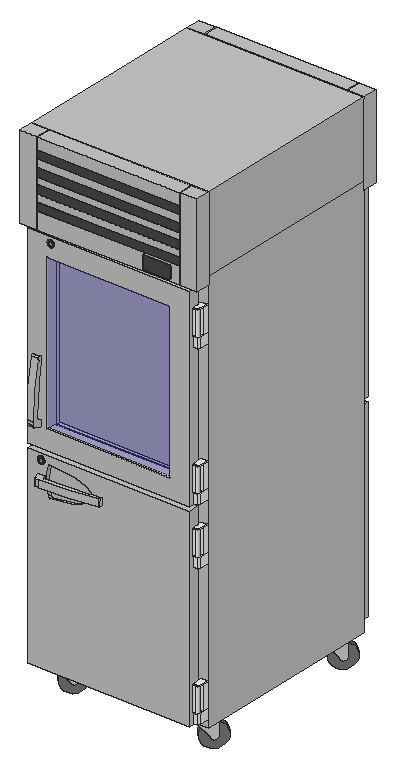
Revit family "QF_Turbo Air_PRO-26R-GSH-PT", category Specialty Equipment, Revit 2014
Parameters
  Width = 2' - 4 3/4"  # constant formula
  Weight in Pounds = 360
  Watermarked By = ""
  Volts = 115 V
  URL Cutsheet = ""
  URL = "www.turboairinc.com"
  Status [instance] = ""
  Specification by User [instance] = ""
  Specification by Manufacturer [instance] = ""
  Serial Number [instance] = ""
  Revision Code [instance] = ""
  Phase = 1
  Overall Height [instance] = Box Height + CasterLeg Height  # 6' - 11"
  Number of Poles [instance] = 1
  NAFEM Spec ID Number [instance] = ""
  Model = "PRO-26R-GSH-PT"
  Masterspec [instance] = ""
  Manufacturer = "Turbo Air"  # constant formula
  Door Height = 2' - 7 1/4"  # constant formula
  Description = "Refrigerator, Pass-Thru"
  Assembly Code = "E1090320"
  6 inch Legs [instance] = no
  Item Number [instance] = "-"
  Installed By [instance] = ""
  HP = "1/3"
  Furnished By [instance] = ""
  Foodservice Equipment Identifier = yes
  FL Amps = 5.2 A
  Electrical Remarks [instance] = ""
  Electric Connection Type = ""
  Elec Conn RI Height [instance] = 0' - 0"
  Elec Conn Connection Height = 6' - 4 7/8"
  Cycle = 60 Hz
  Conn Plug = "NEMA 5-15P"
  Casters [instance] = not([6 inch Legs])  # yes
  CasterLeg Height [instance] = if(or([5 inch Casters], [6 inch Legs]), 0' 6", 0' 5")  # 0' - 5"
  CSI MasterFormat = "11 41 13"
  Box Height = 6' - 6"  # constant formula
  Apparent Power = if(Phase = 3, Volts * FL Amps * 1.73, Volts * FL Amps)  # 598 VA
  5 inch Casters [instance] = no
Reference planes (in)
  plane 1 "Box Back": y = 0
  plane 2: z = 0
  plane 3 "LEFT": x = -16.56573
  plane 4 "RIGHT": x = 12.18427
  plane 5 "FRONT": y = -33.875
  plane 6 "Box Front": y = -31.5
  plane 7 "Door Clearance": y = -60.875
  plane 8 "TOP": z = 83
  plane 9 "Box Bottom": z = 5
  plane 10 "Bottom Door Bottom": z = 5.875
  plane 11 "Top Door Top": z = 69.125
  plane 12 "Inside Left": x = -14.56573
  plane 13 "Inside Right": x = 10.18427
  plane 14 "Inside Back": y = -2
  plane 15 "Inside Front": y = -29.5
  plane 16 "Inside Top": z = 70.75
  plane 17 "Center LR": x = -2.19073
  plane 18 "Cowl Bottom": z = 69.5
  plane 19 "Door Left Hinge": x = -15.31573
  plane 20 "Door Right Hinge": x = 10.93427
  plane 21 "BACK": y = 2.375
  plane 22 "Center FB": y = -15.75
  plane 23 "Door CL": z = 37.5
  plane 24 "Top Door Bottom": z = 37.875
  plane 25 "Bottom Door Top": z = 37.125
Forms (in)
  Extrusion 1, solid, material "QF_Stainless-Polished"
    sketch origin (0, 0, 5) x (0, 1, 0) y (-1, 0, 0)
      loop
        line (-31.5, 16.56573) -> (-31.5, 13.81573) -> (-29.5, 13.81573) -> (-29.5, 14.56573) -> (-2, 14.56573) -> (-2, 13.81573) -> (0, 13.81573) -> (0, 16.56573) -> (-31.5, 16.56573)
      loop
        line (-2, -10.18427) -> (-29.5, -10.18427) -> (-29.5, -9.43427) -> (-31.5, -9.43427) -> (-31.5, -12.18427) -> (0, -12.18427) -> (0, -9.43427) -> (-2, -9.43427) -> (-2, -10.18427)
    from 0 to 65.75
  Extrusion 2, solid, material "QF_Stainless-Polished"
    sketch origin (-14.56573, 0, 0) x (0, 1, 0) y (0, 0, 1)
      loop
        line (-29.5, 7.75) -> (-29.5, 5) -> (-2, 5) -> (-2, 7.75) -> (-29.5, 7.75)
      loop
        line (-29.5, 70.75) -> (-29.5, 69.375) -> (-2, 69.375) -> (-2, 70.75) -> (-29.5, 70.75)
    from 0 to 24.75
  Extrusion 3, solid, material "QF_Stainless-Polished"
    sketch origin (-14.56573, 0, 0) x (0, 1, 0) y (0, 0, 1)
      loop
        line (-29.5, 5) -> (-29.5, 8.25) -> (-31.5, 8.25) -> (-31.5, 5) -> (-29.5, 5)
      loop
        line (-31.5, 70.75) -> (-31.5, 67) -> (-29.5, 67) -> (-29.5, 70.75) -> (-31.5, 70.75)
    from 0.75 to 24
  Extrusion 4, solid, material "QF_Stainless-Polished"
    sketch origin (0, 0, 83) x (0, 1, 0) y (-1, 0, 0)
      loop
        line (0, 16.56573) -> (-31.5, 16.56573) -> (-31.5, -12.18427) -> (0, -12.18427) -> (0, 16.56573)
    from 0 to -12.25
  Extrusion 5, solid, material "QF_Plastic-Black-Fine Textured"
    sketch origin (0, -31.5, 0) x (1, 0, 0) y (0, 0, 1)
      loop
        line (-14.31573, 67.75) -> (-14.31573, 39.25) -> (9.93427, 39.25) -> (9.93427, 67.75) -> (-14.31573, 67.75)
      loop
        line (-14.31573, 7.25) -> (9.93427, 7.25) -> (9.93427, 35.75) -> (-14.31573, 35.75) -> (-14.31573, 7.25)
      loop
        line (-14.56573, 7) -> (10.18427, 7) -> (10.18427, 36) -> (-14.56573, 36) -> (-14.56573, 7)
      loop
        line (-14.56573, 68) -> (-14.56573, 39) -> (10.18427, 39) -> (10.18427, 68) -> (-14.56573, 68)
    from 0 to 0.625
  Extrusion 6, solid, material "QF_Stainless-Polished"
    sketch origin (0, -31.5, 0) x (1, 0, 0) y (0, 0, 1)
      loop
        line (-16.56573, 83) -> (-16.56573, 69.5) -> (-13.75323, 69.5) -> (-13.75323, 83) -> (-16.56573, 83)
      loop
        line (12.18427, 83) -> (9.37177, 83) -> (9.37177, 69.5) -> (12.18427, 69.5) -> (12.18427, 83)
    from 0 to 2.375
  Extrusion 7, solid, material "QF_Stainless-Polished"
    sketch origin (0, -31.5, 0) x (1, 0, 0) y (0, 0, 1)
      loop
        line (-13.75323, 83) -> (-13.75323, 81) -> (9.37177, 81) -> (9.37177, 83) -> (-13.75323, 83)
      loop
        line (-13.75323, 69.5) -> (9.37177, 69.5) -> (9.37177, 72.25) -> (-13.75323, 72.25) -> (-13.75323, 69.5)
      loop
        arc (7.87177, 71.75) -> (7.81686, 71.88258) -> (7.68427, 71.9375) r 0.1875
        line (7.68427, 71.9375) -> (3.55927, 71.9375)
        arc (3.55927, 71.9375) -> (3.42669, 71.88258) -> (3.37177, 71.75) r 0.1875
        line (3.37177, 71.75) -> (3.37177, 69.9375)
        arc (3.37177, 69.9375) -> (3.42669, 69.80492) -> (3.55927, 69.75) r 0.1875
        line (3.55927, 69.75) -> (7.68427, 69.75)
        arc (7.68427, 69.75) -> (7.81686, 69.80492) -> (7.87177, 69.9375) r 0.1875
        line (7.87177, 69.9375) -> (7.87177, 71.75)
    from 0 to 2.375
  Extrusion 8, solid, material "QF_Stainless-Polished"
    sketch origin (0, -31.5, 0) x (1, 0, 0) y (0, 0, 1)
      loop
        line (-13.75323, 79.6875) -> (-13.75323, 78.5625) -> (9.37177, 78.5625) -> (9.37177, 79.6875) -> (-13.75323, 79.6875)
      loop
        line (9.37177, 77.1875) -> (-13.75323, 77.1875) -> (-13.75323, 76.0625) -> (9.37177, 76.0625) -> (9.37177, 77.1875)
      loop
        line (9.37177, 74.6875) -> (-13.75323, 74.6875) -> (-13.75323, 73.5625) -> (9.37177, 73.5625) -> (9.37177, 74.6875)
    from 0 to 2.375
  Extrusion 9, solid, material "QF_Plastic-Black-Fine Textured"
    sketch origin (0, -31.5, 0) x (1, 0, 0) y (0, 0, 1)
      loop
        line (-13.75323, 81) -> (-13.75323, 79.6875) -> (9.37177, 79.6875) -> (9.37177, 81) -> (-13.75323, 81)
      loop
        line (-13.75323, 78.5625) -> (-13.75323, 77.1875) -> (9.37177, 77.1875) -> (9.37177, 78.5625) -> (-13.75323, 78.5625)
      loop
        line (-13.75323, 76.0625) -> (-13.75323, 74.6875) -> (9.37177, 74.6875) -> (9.37177, 76.0625) -> (-13.75323, 76.0625)
      loop
        line (-13.75323, 73.5625) -> (-13.75323, 72.25) -> (9.37177, 72.25) -> (9.37177, 73.5625) -> (-13.75323, 73.5625)
    from 0 to 2.375
  Extrusion 10, solid, material "QF_Plastic-Black-Fine Textured"
    sketch origin (0, -31.5, 0) x (1, 0, 0) y (0, 0, 1)
      loop
        arc (3.55927, 71.9375) -> (3.42669, 71.88258) -> (3.37177, 71.75) r 0.1875
        line (3.37177, 71.75) -> (3.37177, 69.9375)
        arc (3.37177, 69.9375) -> (3.42669, 69.80492) -> (3.55927, 69.75) r 0.1875
        line (3.55927, 69.75) -> (7.68427, 69.75)
        arc (7.68427, 69.75) -> (7.81686, 69.80492) -> (7.87177, 69.9375) r 0.1875
        line (7.87177, 69.9375) -> (7.87177, 71.75)
        arc (7.87177, 71.75) -> (7.81686, 71.88258) -> (7.68427, 71.9375) r 0.1875
        line (7.68427, 71.9375) -> (3.55927, 71.9375)
    from 0 to 2.375
  Extrusion 11, solid, material "QF_Clearance", detail levels coarse+medium
    sketch origin (0, 0, 5.875) x (0, 1, 0) y (-1, 0, 0)
      loop
        arc (-33.875, 16.56573) -> (-53.29595, 7.75127) -> (-60.875, -12.18427) r 28
        line (-60.875, -12.18427) -> (-33.875, -12.18427) -> (-33.875, 16.56573)
    from 0 to 63.25
  Extrusion 12, solid, material "QF_Stainless-Polished"
    sketch origin (0, -2, 0) x (1, 0, 0) y (0, 0, 1)
      loop
        line (10.18427, 69.375) -> (-11.50323, 69.375) -> (-11.50323, 68.125) -> (-1.06573, 68.125) -> (8.93427, 65.625) -> (10.18427, 65.625) -> (10.18427, 69.375)
    from 0 to 27.5
  Extrusion 13, solid, material "QF_Stainless-Polished"
    sketch origin (0, -15.75, 0) x (-1, 0, 0) y (0, 0, 1)
      loop
        line (-8.93427, 65.625) -> (-10.18427, 65.625) -> (-10.18427, 28.875) -> (-8.93427, 28.875) -> (-8.93427, 65.625)
    from 0.25 to -0.25
  Extrusion 14, solid, material "QF_Stainless-Polished"
    sketch origin (0, 0, 0) x (1, 0, 0) y (0, 0, 1)
      loop
        line (-16.56573, 83) -> (-16.56573, 69.5) -> (-13.75323, 69.5) -> (-13.75323, 83) -> (-16.56573, 83)
      loop
        line (12.18427, 83) -> (9.37177, 83) -> (9.37177, 69.5) -> (12.18427, 69.5) -> (12.18427, 83)
    from 0 to -2.375
  Extrusion 15, solid, material "QF_Plastic-Black-Fine Textured"
    sketch origin (0, 0, 0) x (1, 0, 0) y (0, 0, 1)
      loop
        line (-13.75323, 81) -> (-13.75323, 79.6875) -> (9.37177, 79.6875) -> (9.37177, 81) -> (-13.75323, 81)
      loop
        line (-13.75323, 78.5625) -> (-13.75323, 77.1875) -> (9.37177, 77.1875) -> (9.37177, 78.5625) -> (-13.75323, 78.5625)
      loop
        line (-13.75323, 76.0625) -> (-13.75323, 74.6875) -> (9.37177, 74.6875) -> (9.37177, 76.0625) -> (-13.75323, 76.0625)
      loop
        line (-13.75323, 73.5625) -> (-13.75323, 72.25) -> (9.37177, 72.25) -> (9.37177, 73.5625) -> (-13.75323, 73.5625)
    from 0 to -2.375
  Extrusion 16, solid, material "QF_Plastic-Black-Fine Textured"
    sketch origin (0, 0, 0) x (1, 0, 0) y (0, 0, 1)
      loop
        arc (3.55927, 71.9375) -> (3.42669, 71.88258) -> (3.37177, 71.75) r 0.1875
        line (3.37177, 71.75) -> (3.37177, 69.9375)
        arc (3.37177, 69.9375) -> (3.42669, 69.80492) -> (3.55927, 69.75) r 0.1875
        line (3.55927, 69.75) -> (7.68427, 69.75)
        arc (7.68427, 69.75) -> (7.81686, 69.80492) -> (7.87177, 69.9375) r 0.1875
        line (7.87177, 69.9375) -> (7.87177, 71.75)
        arc (7.87177, 71.75) -> (7.81686, 71.88258) -> (7.68427, 71.9375) r 0.1875
        line (7.68427, 71.9375) -> (3.55927, 71.9375)
    from 0 to -2.375
  Extrusion 17, solid, material "QF_Stainless-Polished"
    sketch origin (-14.56573, -31.5, 0) x (0, -1, 0) y (0, 0, -1)
      loop
        line (-29.5, -5) -> (-31.5, -5) -> (-31.5, -8.25) -> (-29.5, -8.25) -> (-29.5, -5)
      loop
        line (-31.5, -70.75) -> (-29.5, -70.75) -> (-29.5, -67) -> (-31.5, -67) -> (-31.5, -70.75)
    from 0.75 to 24
  Extrusion 18, solid, material "QF_Stainless-Polished"
    sketch origin (0, 0, 0) x (1, 0, 0) y (0, 0, 1)
      loop
        line (9.37177, 83) -> (-13.75323, 83) -> (-13.75323, 81) -> (9.37177, 81) -> (9.37177, 83)
      loop
        line (9.37177, 72.25) -> (-13.75323, 72.25) -> (-13.75323, 69.5) -> (9.37177, 69.5) -> (9.37177, 72.25)
      loop
        line (7.87177, 69.9375) -> (7.87177, 71.75)
        arc (7.87177, 71.75) -> (7.81686, 71.88258) -> (7.68427, 71.9375) r 0.1875
        line (7.68427, 71.9375) -> (3.55927, 71.9375)
        arc (3.55927, 71.9375) -> (3.42669, 71.88258) -> (3.37177, 71.75) r 0.1875
        line (3.37177, 71.75) -> (3.37177, 69.9375)
        arc (3.37177, 69.9375) -> (3.42669, 69.80492) -> (3.55927, 69.75) r 0.1875
        line (3.55927, 69.75) -> (7.68427, 69.75)
        arc (7.68427, 69.75) -> (7.81686, 69.80492) -> (7.87177, 69.9375) r 0.1875
    from 0 to -2.375
  Extrusion 19, solid, material "QF_Clearance", detail levels coarse+medium
    sketch origin (-4.38145, -31.5, 5.875) x (0, -1, 0) y (1, 0, 0)
      loop
        arc (-33.875, 16.56573) -> (-53.29595, 7.75127) -> (-60.875, -12.18427) r 28
        line (-60.875, -12.18427) -> (-33.875, -12.18427) -> (-33.875, 16.56573)
    from 0 to 63.25
  Extrusion 20, solid, material "QF_Plastic-Black-Fine Textured"
    sketch origin (0, 0, 0) x (1, 0, 0) y (0, 0, 1)
      loop
        line (10.18427, 68) -> (-14.56573, 68) -> (-14.56573, 39) -> (10.18427, 39) -> (10.18427, 68)
      loop
        line (-14.31573, 67.75) -> (-14.31573, 39.25) -> (9.93427, 39.25) -> (9.93427, 67.75) -> (-14.31573, 67.75)
      loop
        line (-14.56573, 7) -> (10.18427, 7) -> (10.18427, 36) -> (-14.56573, 36) -> (-14.56573, 7)
      loop
        line (9.93427, 7.25) -> (9.93427, 35.75) -> (-14.31573, 35.75) -> (-14.31573, 7.25) -> (9.93427, 7.25)
    from 0 to -0.625
  Extrusion 21, solid, material "QF_Stainless-Polished"
    sketch origin (0, 0, 0) x (1, 0, 0) y (0, 0, 1)
      loop
        line (9.37177, 79.6875) -> (-13.75323, 79.6875) -> (-13.75323, 78.5625) -> (9.37177, 78.5625) -> (9.37177, 79.6875)
      loop
        line (9.37177, 77.1875) -> (-13.75323, 77.1875) -> (-13.75323, 76.0625) -> (9.37177, 76.0625) -> (9.37177, 77.1875)
      loop
        line (9.37177, 74.6875) -> (-13.75323, 74.6875) -> (-13.75323, 73.5625) -> (9.37177, 73.5625) -> (9.37177, 74.6875)
    from 0 to -2.375
  Extrusion 22, solid, material "QF_Stainless-Polished"
    sketch origin (0, -31.5, 0) x (1, 0, 0) y (0, 0, 1)
      loop
        line (-13.81573, 35.5) -> (9.43427, 35.5) -> (9.43427, 39.5) -> (-13.81573, 39.5) -> (-13.81573, 35.5)
    from 0 to -2
  Extrusion 23, solid, material "QF_Stainless-Polished"
    sketch origin (0, 0, 0) x (1, 0, 0) y (0, 0, 1)
      loop
        line (-13.81573, 35.5) -> (9.43427, 35.5) -> (9.43427, 39.5) -> (-13.81573, 39.5) -> (-13.81573, 35.5)
    from 0 to 2
Lines and regions (in)
  symbolic lines
    curve 1: line (-16.56573, 2.375, 83) -> (12.18427, 2.375, 83)
    curve 2: line (-16.56573, -33.875, 83) -> (-16.56573, 2.375, 83)
    curve 3: line (12.18427, -33.875, 83) -> (-16.56573, -33.875, 83)
    curve 4: line (12.18427, 2.375, 83) -> (12.18427, -33.875, 83)
  symbolic lines, style "QF_Clearances_Door_Drawer", detail levels coarse+medium
    curve 5: arc (-16.56573, -33.875, 5.875) -> (-7.75127, -53.29595, 5.875) -> (12.18427, -60.875, 5.875) r 28
    curve 6: line (12.18427, -60.875, 5.875) -> (12.18427, -33.875, 5.875)
    curve 7: line (-16.56573, 29.375, 5.875) -> (-16.56573, 2.375, 5.875)
    curve 8: arc (12.18427, 2.375, 5.875) -> (3.36982, 21.79595, 5.875) -> (-16.56573, 29.375, 5.875) r 28
Dimensions and locks (in)
  "Width": plane 4 "RIGHT" to plane 3 "LEFT"
  plane 5 "FRONT" to plane 6 "Box Front" = 0' - 2 3/8"
  locked: plane 7 "Door Clearance" to plane 5 "FRONT" at 27
  "CasterLeg Height": plane 9 "Box Bottom" to level
  locked: plane 10 "Bottom Door Bottom" to plane 9 "Box Bottom" at 0.875
  "Box Height": plane 8 "TOP" to plane 9 "Box Bottom"
  locked: plane 8 "TOP" to plane 11 "Top Door Top" at 13.875
  locked: plane 3 "LEFT" to plane 12 "Inside Left" at 2
  locked: plane 13 "Inside Right" to plane 4 "RIGHT" at 2
  locked: plane 14 "Inside Back" to plane 1 "Box Back" at 2
  plane 6 "Box Front" to plane 15 "Inside Front" = 0' - 2"
  locked: plane 12 "Inside Left" to Extrusion 1 sketch curve at 0.75
  locked: Extrusion 1 sketch curve to plane 13 "Inside Right" at 0.75
  locked: plane 8 "TOP" to plane 16 "Inside Top" at 12.25
  locked: plane 9 "Box Bottom" to Extrusion 2 sketch curve at 2.75
  locked: Extrusion 3 sketch curve to plane 9 "Box Bottom" at 3.25
  locked: plane 16 "Inside Top" to Extrusion 2 sketch curve at 1.375
  locked: Extrusion 3 sketch curve to plane 16 "Inside Top" at 3.75
  equal spacing: plane 3 "LEFT", plane 17 "Center LR", plane 4 "RIGHT"
  locked: Extrusion 5 sketch curve to Extrusion 5 sketch curve at 0.25  (x8)
  locked: Extrusion 5 sketch curve to plane 3 "LEFT" at 2
  locked: Extrusion 5 sketch curve to plane 4 "RIGHT" at 2
  locked: plane 11 "Top Door Top" to Extrusion 5 sketch curve at 1.125
  locked: Extrusion 5 sketch curve to plane 10 "Bottom Door Bottom" at 1.125
  locked: plane 18 "Cowl Bottom" to plane 11 "Top Door Top" at 0.375
  locked: plane 3 "LEFT" to nested 1 at 3
  locked: nested 1 to plane 1 "Box Back" at 2.5
  locked: plane 3 "LEFT" to nested 2 at 3
  locked: plane 6 "Box Front" to nested 2 at 2.8125
  locked: nested 3 to plane 4 "RIGHT" at 3
  locked: nested 3 to plane 1 "Box Back" at 2.5
  locked: nested 4 to plane 4 "RIGHT" at 3
  locked: plane 6 "Box Front" to nested 4 at 2.8125
  locked: plane 3 "LEFT" to Extrusion 6 sketch curve at 2.8125
  locked: Extrusion 6 sketch curve to plane 4 "RIGHT" at 2.8125
  locked: Extrusion 7 sketch curve to plane 3 "LEFT" at 2.8125  (x2)
  locked: plane 8 "TOP" to Extrusion 7 sketch curve at 2
  locked: Extrusion 7 sketch curve to plane 4 "RIGHT" at 2.8125  (x2)
  locked: Extrusion 7 sketch curve to plane 18 "Cowl Bottom" at 2.75
  locked: Extrusion 7 sketch curve to Extrusion 7 sketch curve at 4.5
  locked: Extrusion 7 sketch curve to plane 4 "RIGHT" at 4.3125
  locked: Extrusion 7 sketch curve to Extrusion 7 sketch curve at 2.1875
  locked: Extrusion 7 sketch curve to Extrusion 7 sketch curve at 0.3125
  locked: Extrusion 8 sketch curve to plane 3 "LEFT" at 2.8125  (x3)
  locked: Extrusion 8 sketch curve to plane 4 "RIGHT" at 2.8125  (x3)
  locked: plane 8 "TOP" to Extrusion 8 sketch curve at 3.3125
  locked: Extrusion 8 sketch curve to Extrusion 8 sketch curve at 1.125  (x3)
  locked: Extrusion 8 sketch curve to Extrusion 8 sketch curve at 1.375  (x2)
  locked: plane 3 "LEFT" to plane 19 "Door Left Hinge" at 1.25
  locked: plane 20 "Door Right Hinge" to plane 4 "RIGHT" at 1.25
  locked: plane 6 "Box Front" to plane 1 "Box Back" at 31.5
  locked: plane 1 "Box Back" to plane 21 "BACK" at 2.375
  locked: Extrusion 12 sketch curve to Extrusion 12 sketch curve at 1.25
  locked: Extrusion 12 sketch curve to Extrusion 12 sketch curve at 3.75
  locked: Extrusion 13 sketch curve to Extrusion 13 sketch curve at 36.75
  equal spacing: plane 6 "Box Front", plane 22 "Center FB", plane 1 "Box Back"
  locked: plane 4 "RIGHT" to Extrusion 14 sketch curve at 2.8125
  locked: Extrusion 14 sketch curve to plane 3 "LEFT" at 2.8125
  locked: Extrusion 15 sketch curve to plane 8 "TOP" at 2
  locked: Extrusion 15 sketch curve to Extrusion 15 sketch curve at 1.3125  (x2)
  locked: Extrusion 15 sketch curve to Extrusion 15 sketch curve at 1.125  (x3)
  locked: Extrusion 15 sketch curve to Extrusion 15 sketch curve at 1.375  (x2)
  locked: plane 4 "RIGHT" to Extrusion 15 sketch curve at 2.8125  (x4)
  locked: plane 3 "LEFT" to Extrusion 15 sketch curve at 2.8125  (x4)
  locked: Extrusion 16 sketch curve to Extrusion 16 sketch curve at 2.1875
  locked: plane 18 "Cowl Bottom" to Extrusion 16 sketch curve at 0.25
  locked: plane 4 "RIGHT" to Extrusion 16 sketch curve at 4.3125
  locked: Extrusion 16 sketch curve to Extrusion 16 sketch curve at 4.5
  locked: plane 3 "LEFT" to Extrusion 1 sketch curve at 2.75
  locked: Extrusion 1 sketch curve to plane 4 "RIGHT" at 2.75
  locked: plane 16 "Inside Top" to Extrusion 17 sketch curve at 3.75
  locked: Extrusion 17 sketch curve to plane 9 "Box Bottom" at 3.25
  locked: Extrusion 18 sketch curve to plane 4 "RIGHT" at 2.8125  (x2)
  locked: Extrusion 18 sketch curve to plane 3 "LEFT" at 2.8125  (x2)
  locked: Extrusion 18 sketch curve to plane 8 "TOP" at 2
  locked: plane 18 "Cowl Bottom" to Extrusion 18 sketch curve at 2.75
  locked: Extrusion 18 sketch curve to Extrusion 18 sketch curve at 2.1875
  locked: plane 18 "Cowl Bottom" to Extrusion 18 sketch curve at 0.25
  locked: Extrusion 18 sketch curve to Extrusion 18 sketch curve at 4.5
  locked: Extrusion 18 sketch curve to plane 4 "RIGHT" at 4.3125
  locked: Extrusion 20 sketch curve to Extrusion 20 sketch curve at 0.25  (x8)
  locked: plane 20 "Door Right Hinge" to Extrusion 20 sketch curve at 0.75  (x2)
  locked: Extrusion 20 sketch curve to plane 19 "Door Left Hinge" at 0.75  (x2)
  locked: Extrusion 20 sketch curve to plane 11 "Top Door Top" at 1.125
  locked: plane 10 "Bottom Door Bottom" to Extrusion 20 sketch curve at 1.125
  locked: Extrusion 21 sketch curve to plane 4 "RIGHT" at 2.8125  (x3)
  locked: Extrusion 21 sketch curve to plane 8 "TOP" at 3.3125
  locked: Extrusion 21 sketch curve to Extrusion 21 sketch curve at 1.125  (x3)
  locked: Extrusion 21 sketch curve to Extrusion 21 sketch curve at 1.375  (x2)
  locked: Extrusion 21 sketch curve to plane 3 "LEFT" at 2.8125  (x3)
  equal spacing: plane 11 "Top Door Top", plane 23 "Door CL", plane 10 "Bottom Door Bottom"
  plane 24 "Top Door Bottom" to plane 23 "Door CL" to plane 25 "Bottom Door Top" = 0' - 0 3/8" locked, 0' - 0 3/8" locked
  locked: plane 25 "Bottom Door Top" to Extrusion 5 sketch curve at 1.125
  locked: Extrusion 5 sketch curve to plane 24 "Top Door Bottom" at 1.125
  locked: Extrusion 5 sketch curve to plane 19 "Door Left Hinge" at 0.75
  locked: Extrusion 5 sketch curve to plane 20 "Door Right Hinge" at 0.75
  locked: Extrusion 20 sketch curve to plane 25 "Bottom Door Top" at 1.125
  locked: plane 24 "Top Door Bottom" to Extrusion 20 sketch curve at 1.125
  locked: Extrusion 22 sketch curve to plane 3 "LEFT" at 2.75
  locked: Extrusion 22 sketch curve to plane 4 "RIGHT" at 2.75
  Extrusion 22 sketch curve to plane 23 "Door CL" to Extrusion 22 sketch curve = 0' - 2" locked, 0' - 2" locked
  locked: plane 4 "RIGHT" to Extrusion 23 sketch curve at 2.75
  locked: plane 3 "LEFT" to Extrusion 23 sketch curve at 2.75
  Extrusion 23 sketch curve to plane 23 "Door CL" to Extrusion 23 sketch curve = 0' - 2" locked, 0' - 2" locked
  aligned and locked: level to plane 2
  aligned and locked: Extrusion 1 sketch curve to plane 3 "LEFT"
  aligned and locked: plane 12 "Inside Left" to Extrusion 1 sketch curve
  aligned and locked: Extrusion 1 sketch curve to plane 13 "Inside Right"
  aligned and locked: plane 4 "RIGHT" to Extrusion 1 sketch curve
  aligned and locked: plane 14 "Inside Back" to Extrusion 1 sketch curve  (x2)
  aligned and locked: Extrusion 1 sketch curve to plane 1 "Box Back"  (x2)
  aligned and locked: Extrusion 1 sketch curve to plane 15 "Inside Front"  (x2)
  aligned and locked: plane 6 "Box Front" to Extrusion 1 sketch curve  (x2)
  aligned and locked: plane 16 "Inside Top" to Extrusion 1
  aligned and locked: plane 9 "Box Bottom" to Extrusion 2 sketch curve
  aligned and locked: plane 15 "Inside Front" to Extrusion 2 sketch curve
  aligned and locked: plane 14 "Inside Back" to Extrusion 2 sketch curve  (x2)
  aligned and locked: plane 13 "Inside Right" to Extrusion 2
  aligned and locked: plane 6 "Box Front" to Extrusion 3 sketch curve  (x2)
  aligned and locked: Extrusion 3 sketch curve to plane 9 "Box Bottom"
  aligned and locked: Extrusion 3 sketch curve to plane 15 "Inside Front"  (x2)
  aligned and locked: Extrusion 3 to Extrusion 1  (x2)
  aligned and locked: Extrusion 2 sketch curve to plane 16 "Inside Top"
  aligned and locked: Extrusion 2 sketch curve to plane 15 "Inside Front"
  aligned and locked: plane 16 "Inside Top" to Extrusion 3 sketch curve
  aligned and locked: plane 1 "Box Back" to Extrusion 4 sketch curve
  aligned and locked: plane 3 "LEFT" to Extrusion 4 sketch curve
  aligned and locked: Extrusion 4 sketch curve to plane 6 "Box Front"
  aligned and locked: Extrusion 4 sketch curve to plane 4 "RIGHT"
  aligned and locked: Extrusion 4 to plane 16 "Inside Top"
  aligned and locked: plane 5 "FRONT" to Extrusion 6
  aligned and locked: plane 3 "LEFT" to curve 2
  aligned and locked: curve 3 to plane 5 "FRONT"
  aligned and locked: curve 4 to plane 4 "RIGHT"
  aligned and locked: plane 18 "Cowl Bottom" to Extrusion 6 sketch curve
  aligned and locked: plane 3 "LEFT" to Extrusion 6 sketch curve
  aligned and locked: Extrusion 6 sketch curve to plane 8 "TOP"
  aligned and locked: plane 8 "TOP" to Extrusion 6 sketch curve
  aligned and locked: plane 4 "RIGHT" to Extrusion 6 sketch curve
  aligned and locked: Extrusion 6 sketch curve to plane 18 "Cowl Bottom"
  aligned and locked: Extrusion 7 sketch curve to plane 8 "TOP"
  aligned and locked: plane 18 "Cowl Bottom" to Extrusion 7 sketch curve
  aligned and locked: plane 5 "FRONT" to Extrusion 7
  aligned and locked: plane 5 "FRONT" to Extrusion 8
  aligned and locked: Extrusion 9 sketch curve to Extrusion 7  (x4)
  aligned and locked: Extrusion 9 sketch curve to Extrusion 8  (x12)
  aligned and locked: plane 5 "FRONT" to Extrusion 9
  aligned and locked: Extrusion 10 sketch curve to Extrusion 7  (x4)
  aligned and locked: plane 5 "FRONT" to Extrusion 10
  aligned and locked: plane 6 "Box Front" to nested 5
  aligned and locked: plane 19 "Door Left Hinge" to nested 5
  aligned and locked: nested 5 to plane 10 "Bottom Door Bottom"
  aligned and locked: plane 11 "Top Door Top" to Extrusion 11
  aligned and locked: plane 15 "Inside Front" to Extrusion 12
  aligned and locked: Extrusion 14 sketch curve to plane 8 "TOP"
  aligned and locked: Extrusion 14 sketch curve to plane 4 "RIGHT"
  aligned and locked: plane 18 "Cowl Bottom" to Extrusion 14 sketch curve
  aligned and locked: Extrusion 14 sketch curve to plane 18 "Cowl Bottom"
  aligned and locked: Extrusion 14 sketch curve to plane 3 "LEFT"
  aligned and locked: plane 8 "TOP" to Extrusion 14 sketch curve
  aligned and locked: Extrusion 14 to plane 21 "BACK"
  aligned and locked: Extrusion 15 to plane 21 "BACK"
  aligned and locked: Extrusion 16 to plane 21 "BACK"
  aligned and locked: Extrusion 17 to Extrusion 1
  aligned and locked: plane 16 "Inside Top" to Extrusion 17 sketch curve
  aligned and locked: plane 14 "Inside Back" to Extrusion 17 sketch curve  (x2)
  aligned and locked: Extrusion 17 sketch curve to plane 1 "Box Back"  (x2)
  aligned and locked: Extrusion 17 sketch curve to plane 9 "Box Bottom"
  aligned and locked: Extrusion 18 sketch curve to plane 8 "TOP"
  aligned and locked: plane 18 "Cowl Bottom" to Extrusion 18 sketch curve
  aligned and locked: Extrusion 18 to plane 21 "BACK"
  aligned and locked: nested 6 to plane 10 "Bottom Door Bottom"
  aligned and locked: nested 6 to plane 3 "LEFT"
  aligned and locked: Extrusion 21 to plane 21 "BACK"
  aligned and locked: plane 21 "BACK" to curve 1
  aligned and locked: nested 8 to plane 24 "Top Door Bottom"
  aligned and locked: nested 7 to plane 24 "Top Door Bottom"
  aligned and locked: nested 8 to plane 1 "Box Back"
  aligned and locked: plane 4 "RIGHT" to nested 7
  aligned and locked: nested 8 to plane 3 "LEFT"
  aligned and locked: plane 6 "Box Front" to nested 7
Automatic sketch dimensions
  curve 5 to plane 4 "RIGHT" = 0' - 0"
  plane 7 "Door Clearance" to curve 5 = 0' - 0"
  curve 5 to plane 3 "LEFT" = 0' - 0"
  plane 5 "FRONT" to curve 5 = 0' - 0"
  plane 5 "FRONT" to curve 6 = 0' - 0"
  curve 7 to plane 3 "LEFT" = 0' - 0"
  plane 21 "BACK" to curve 7 = 0' - 0"
  curve 8 to plane 4 "RIGHT" = 0' - 0"
  plane 21 "BACK" to curve 8 = 0' - 0"
  plane 20 "Door Right Hinge" to curve 5 = 0' - 0.48251"
  plane 21 "BACK" to curve 8 = 0' - 0.98948"
  curve 7 to plane 21 "BACK" = 2' - 3"
  Extrusion 7 sketch curve to Extrusion 7 sketch curve = 0' - 0 3/16"  (x4)
  Extrusion 11 sketch curve to plane 4 "RIGHT" = 0' - 0"
  plane 7 "Door Clearance" to Extrusion 11 sketch curve = 0' - 0"
  Extrusion 11 sketch curve to plane 3 "LEFT" = 0' - 0"
  plane 5 "FRONT" to Extrusion 11 sketch curve = 0' - 0"
  plane 20 "Door Right Hinge" to Extrusion 11 sketch curve = 0' - 0.48251"
  Extrusion 12 sketch curve to plane 13 "Inside Right" = 0' - 0"
  Extrusion 12 sketch curve to plane 13 "Inside Right" = 0' - 1 1/4"
  plane 17 "Center LR" to Extrusion 12 sketch curve = 0' - 1 1/8"
  Extrusion 12 sketch curve to plane 11 "Top Door Top" = 0' - 1"
  plane 12 "Inside Left" to Extrusion 12 sketch curve = 0' - 3 1/16"
  Extrusion 13 sketch curve to plane 13 "Inside Right" = 0' - 0"
  Extrusion 13 sketch curve to Extrusion 13 sketch curve = 0' - 1 1/4"
  Extrusion 13 sketch curve to plane 25 "Bottom Door Top" = 0' - 8 1/4"
  Extrusion 16 sketch curve to Extrusion 16 sketch curve = 0' - 0 3/16"  (x4)
  Extrusion 18 sketch curve to Extrusion 18 sketch curve = 0' - 0 3/16"  (x4)
  Extrusion 19 sketch curve to plane 3 "LEFT" = 0' - 0"
  Extrusion 19 sketch curve to plane 4 "RIGHT" = 0' - 0"
  plane 21 "BACK" to Extrusion 19 sketch curve = 0' - 0"
  Extrusion 19 sketch curve to plane 21 "BACK" = 2' - 3"
  Extrusion 19 sketch curve to plane 19 "Door Left Hinge" = 0' - 0.48251"
Nested families (in)
  nested 1: "FESCasterLeg" at (-13.56573, -2.5, 0), Casters <- "Casters", Legs <- "6 inch Legs", Height <- "CasterLeg Height", type "FESCasterLeg"
    with Legs no, Height 0' - 5", Casters yes, Caster Radius 0' - 2"
  nested 2: "FESCasterLeg" at (-13.56573, -28.6875, 0), Casters <- "Casters", Legs <- "6 inch Legs", Height <- "CasterLeg Height", type "FESCasterLeg"
    with Legs no, Height 0' - 5", Casters yes, Caster Radius 0' - 2"
  nested 3: "FESCasterLeg" at (9.18427, -2.5, 0), Casters <- "Casters", Legs <- "6 inch Legs", Height <- "CasterLeg Height", type "FESCasterLeg"
    with Legs no, Height 0' - 5", Casters yes, Caster Radius 0' - 2"
  nested 4: "FESCasterLeg" at (9.18427, -28.6875, 0), Casters <- "Casters", Legs <- "6 inch Legs", Height <- "CasterLeg Height", type "FESCasterLeg"
    with Legs no, Height 0' - 5", Casters yes, Caster Radius 0' - 2"
  nested 5: "QF_Turbo Air_RI-Solid Door" at (1.25, -32.125, 5.875), Height <- "Door Height", type "QF_Turbo Air_RI-Solid Door"
    with Width 2' - 2 1/4", Symbolic Lines Handle yes, Symbolic Lines no, Height 2' - 7 1/4", Handle From Top 0' - 3 9/16", Center Hinge no
  nested 6: "QF_Turbo Air_RI-Solid Door" at (-5.63145, 0.625, 5.875) x (-1, 0, 0) z (0, 0, 1), Height <- "Door Height", type "QF_Turbo Air_RI-Solid Door"
    with Width 2' - 2 1/4", Symbolic Lines Handle yes, Symbolic Lines no, Height 2' - 7 1/4", Handle From Top 0' - 3 9/16", Center Hinge no
  nested 7: "QF_Turbo Air_RI-Half Glass Door" at (1.24637, -32.125, 37.875), Height <- "Door Height", type "QF_Turbo Air_RI-Half Glass Door"
    with Width 2' - 2 1/4", Symbolic Lines Handle yes, Symbolic Line no, Height 2' - 7 1/4"
  nested 8: "QF_Turbo Air_RI-Half Glass Door" at (-5.62782, 0.625, 37.875) x (-1, 0, 0) z (0, 0, 1), Height <- "Door Height", type "QF_Turbo Air_RI-Half Glass Door"
    with Width 2' - 2 1/4", Symbolic Lines Handle yes, Symbolic Line no, Height 2' - 7 1/4"
Connectors (in)
  electrical at (12.18427, -15.75, 76.875), driven by "Number of Poles", driven by "Volts", driven by "Apparent Power"
    settings: on Extrusion 4, index 1, voltage 115 V, apparent load 598 VA, apparent load phase1 0 VA, apparent load phase2 0 VA, apparent load phase3 0 VA, power factor 1, load classification "Other", number of poles 1, system type 30, power factor state 1, is connector primary yes, connector utility no, sub classification motor no, connector description "Electric"
Definition of nested family "FESCasterLeg"
  Parameters
    Watermarked By = "http://revitwatermark.com"
    Type Comments = ""
    Legs [instance] = yes
    Height [instance] = 0' - 6"
    Caster Radius [instance] = if(Height < 0' 3", 0' 1", (Height / 2) - 0' 0 1/2")  # 0' - 2 1/2"
    Casters [instance] = yes
    Assembly Code = ""
  Reference planes (in)
    plane 1 "Center (Front/Back)": y = 0
    plane 2: z = 0
    plane 3 "Center (Left/Right)": x = 0
    plane 4: z = 6
    plane 5: z = 5.5
  Forms (in)
    Extrusion 1, solid, material "QF_Stainless-Polished", visible <- "Casters"
      sketch origin (-24.12131, -22.88887, 10.18833) x (0.707107, 0.707107, 0) y (0, 0, 1)
        loop
          line (34.98772, -7.68833) -> (34.98772, -4.93833) -> (34.48772, -4.93833) -> (34.39402, -4.68833) -> (32.39402, -4.68833) -> (32.39402, -5.43833) -> (33.98772, -7.34206) -> (33.98772, -7.68833)
          arc (33.98772, -7.68833) -> (34.48772, -8.18833) -> (34.98772, -7.68833) r 0.5
      from 0 to 1.75
    Extrusion 2, solid, material "QF_Rubber-Black", visible <- "Casters"
      sketch origin (-24.32327, -23.09083, 13.31461) x (0.707107, 0.707107, 0) y (0, 0, 1)
        loop
          circle (34.77334, -10.81461) r 2.5
      from 0.375 to 1.375
    Extrusion 3, solid, material "QF_Stainless-Polished", visible <- "Casters"
      sketch origin (-7.24148, -8.48391, 0) x (0.707107, 0.707107, 0) y (0, 0, 1)
        loop
          line (10.61603, 5.5) -> (11.61603, 5.5) -> (11.61603, 6) -> (10.61603, 6) -> (10.61603, 5.5)
      from 0 to -1.75
    Blend 4, solid, material "QF_Stainless-Polished", visible <- "Legs"
      base sketch origin (0, 0, 0) x (1, 0, 0) y (0, 1, 0)
        loop
          circle (0, 0) r 0.5
      top sketch origin (0, 0, 0) x (1, 0, 0) y (0, 1, 0)
        loop
          circle (0, 0) r 1
      from 0 to 6 <- "Height"
  Lines and regions (in)
    symbolic lines, style "QF_Details_Undercounter", visible <- "Casters", built-in parameter 1006206 <- "Casters"
      curve 1: line (-1.26158, -0.51911, 0) -> (1.39007, 2.13254, 0)
      curve 2: line (-0.53429, -1.24639, 0) -> (2.11736, 1.40526, 0)
    symbolic lines, style "QF_Details_Undercounter", built-in parameter 1006206 <- "Casters", visible <- "Casters"
      curve 3: line (-1.26158, -0.51911, 0) -> (1.39007, 2.13254, 0)
      curve 4: line (-0.53429, -1.24639, 0) -> (2.11736, 1.40526, 0)
  Dimensions and locks (in)
    locked: plane 4 to plane 5 at 0.5
    "Height": plane 4 to level
    "Caster Radius": Extrusion 2 sketch curve to level
    "Caster Radius": Extrusion 1 sketch curve to level
    "Caster Radius": radius of Extrusion 2 sketch curve
    aligned and locked: plane 2 to level
    aligned: Blend 4 to Extrusion 3
    aligned and locked: plane 4 to Blend 4
    aligned and locked: Extrusion 3 to plane 5
    aligned and locked: plane 4 to Extrusion 3
    aligned and locked: plane 5 to Extrusion 1
  Automatic sketch dimensions
    plane 1 "Center (Front/Back)" to curve 3 = 0' - 0.51911"
    curve 3 to plane 3 "Center (Left/Right)" = 0' - 1.26158"
    plane 1 "Center (Front/Back)" to curve 1 = 0' - 0.51911"
    curve 1 to curve 3 = 0' - 0"  (x3)
    curve 4 to plane 3 "Center (Left/Right)" = 0' - 0.53429"
    curve 2 to curve 4 = 0' - 0"  (x2)
    plane 3 "Center (Left/Right)" to curve 3 = 0' - 1.39007"
    curve 1 to curve 4 = 0' - 0.72729"
    curve 2 to curve 1 = 0' - 0.72729"
    curve 4 to curve 2 = 0' - 0"  (x2)
    curve 2 to plane 1 "Center (Front/Back)" = 0' - 1.40526"
    curve 2 to curve 3 = 0' - 0.72729"
    Extrusion 3 sketch curve to plane 5 = 0' - 0"
    plane 4 to Extrusion 3 sketch curve = 0' - 0"
    Extrusion 3 sketch curve to Extrusion 3 sketch curve = 0' - 1"
    plane 1 "Center (Front/Back)" to Blend 4 sketch curve = 0' - 0"  (x2)
    Blend 4 sketch curve to plane 3 "Center (Left/Right)" = 0' - 0"  (x2)
    Extrusion 1 sketch curve to plane 5 = 0' - 0"
    Extrusion 1 sketch curve to plane 5 = 0' - 2.65373"
    Extrusion 1 sketch curve to Extrusion 1 sketch curve = 0' - 1.5937"
    Extrusion 1 sketch curve to Extrusion 1 sketch curve = 0' - 2"
    Extrusion 1 sketch curve to Extrusion 1 sketch curve = 0' - 0.0937"
    Extrusion 1 sketch curve to Extrusion 1 sketch curve = 0' - 0 1/2"
    Extrusion 1 sketch curve to plane 5 = 0' - 0 3/4"
    Extrusion 1 sketch curve to plane 5 = 0' - 0 1/4"
    radius of Blend 4 sketch curve = 0' - 0 1/2"
    radius of Blend 4 sketch curve = 0' - 1"
Definition of nested family "QF_Turbo Air_RI-Solid Door"
  Parameters (values of type "QF_Turbo Air_RI-Solid Door")
    Width [instance] = 2' - 2 1/4"
    Watermarked By = ""
    Symbolic Lines Handle [instance] = yes
    Symbolic Lines [instance] = yes
    Height [instance] = 5' - 3 1/4"
    Handle From Top [instance] = 2' - 1 7/8"
    Center Hinge [instance] = yes
  Reference planes (in)
    plane 1 "Door Back": y = 0
    plane 2: z = 0
    plane 3 "LEFT": x = -16.56573
    plane 4 "Door Front": y = -1.75
    plane 5 "Handle Front": y = -3.0625
    plane 6 "Door Right": x = 9.68427
    plane 7 "TOP": z = 63.25
    plane 8 "Handle Elevation": z = 37.375
    plane 9 "Hinge Right": x = 10.93427
    plane 10 "Top Hinge Top": z = 60.75
    plane 11 "Top Hinge Bottom": z = 55
    plane 12: z = 56.625
    plane 13 "Center TB": z = 31.625
    plane 14 "Center Hinge Top": z = 35.0625
    plane 15 "Center Hinge Bottom": z = 29.3125
    plane 16: z = 30.9375
    plane 17 "Bottom Hinge Top": z = 6
    plane 18 "Bottom Hinge Bottom": z = 0.25
    plane 19: z = 1.875
    plane 20 "Hinges Front": y = -1.1875
    plane 21 "Hinges Back": y = 0.625
  Forms (in)
    Extrusion 1, solid, material "QF_Stainless-Polished"
      sketch origin (0, 0, 0) x (1, 0, 0) y (0, 0, 1)
        loop
          line (-16.56573, 63.25) -> (-16.56573, 0) -> (9.68427, 0) -> (9.68427, 63.25) -> (-16.56573, 63.25)
        loop
          arc (-13.15519, 39.61272) -> (-13.41636, 38.50742) -> (-13.50323, 37.375) r 7.3125
          arc (-13.50323, 37.375) -> (-13.41636, 36.24258) -> (-13.15519, 35.13728) r 7.3125
          arc (-13.15519, 35.13728) -> (-13.01711, 34.94724) -> (-12.79306, 34.87662) r 0.375
          arc (-12.79306, 34.87662) -> (-11.04564, 34.98179) -> (-9.31573, 35.25) r 18.6875
          arc (-9.31573, 35.25) -> (-7.55515, 35.84984) -> (-6.00323, 36.875) r 7.30243
          arc (-6.00323, 36.875) -> (-5.85876, 37.375) -> (-6.00323, 37.875) r 0.9375
          arc (-6.00323, 37.875) -> (-7.55515, 38.90016) -> (-9.31573, 39.5) r 7.30243
          arc (-9.31573, 39.5) -> (-11.04564, 39.76821) -> (-12.79306, 39.87338) r 18.6875
          arc (-12.79306, 39.87338) -> (-13.01711, 39.80276) -> (-13.15519, 39.61272) r 0.375
      from 0 to 1.75
    Extrusion 2, solid, material "QF_Stainless-Polished"
      sketch origin (0, 0, 0) x (1, 0, 0) y (0, 0, 1)
        loop
          arc (-13.15519, 39.61272) -> (-13.41636, 38.50742) -> (-13.50323, 37.375) r 7.3125
          arc (-13.50323, 37.375) -> (-13.41636, 36.24258) -> (-13.15519, 35.13728) r 7.3125
          arc (-13.15519, 35.13728) -> (-13.01711, 34.94724) -> (-12.79306, 34.87662) r 0.375
          arc (-12.79306, 34.87662) -> (-11.04564, 34.98179) -> (-9.31573, 35.25) r 18.6875
          arc (-9.31573, 35.25) -> (-7.55515, 35.84984) -> (-6.00323, 36.875) r 7.30243
          arc (-6.00323, 36.875) -> (-5.85876, 37.375) -> (-6.00323, 37.875) r 0.9375
          arc (-6.00323, 37.875) -> (-7.55515, 38.90016) -> (-9.31573, 39.5) r 7.30243
          arc (-9.31573, 39.5) -> (-11.04564, 39.76821) -> (-12.79306, 39.87338) r 18.6875
          arc (-12.79306, 39.87338) -> (-13.01711, 39.80276) -> (-13.15519, 39.61272) r 0.375
      from 0 to 1.25
    Extrusion 3, solid, material "QF_Stainless-Polished"
      sketch origin (0, 0, 37.375) x (0, 1, 0) y (-1, 0, 0)
        loop
          line (-1.75, 14.806) -> (-2.93294, 14.42164)
          arc (-2.93294, 14.42164) -> (-3.02669, 14.35352) -> (-3.0625, 14.24331) r 0.1875
          line (-3.0625, 14.24331) -> (-3.0625, 13.62954)
          arc (-3.0625, 13.62954) -> (-2.88483, 9.14446) -> (-2.21868, 4.70557) r 41.0625
          arc (-2.21868, 4.70557) -> (-2.15347, 4.59812) -> (-2.03505, 4.55599) r 0.1875
          line (-2.03505, 4.55599) -> (-1.75, 4.55599) -> (-1.75, 5.93099) -> (-1.83987, 5.93099)
          arc (-1.83987, 5.93099) -> (-1.96178, 5.97604) -> (-2.02512, 6.08952) r 0.1875
          arc (-2.02512, 6.08952) -> (-2.42253, 9.66014) -> (-2.50243, 13.25191) r 40.5625
          arc (-2.50243, 13.25191) -> (-2.47714, 13.3419) -> (-2.41155, 13.4085) r 0.1875
          line (-2.41155, 13.4085) -> (-1.75, 13.806) -> (-1.75, 14.806)
      from -0.5625 to 0.5625
    Extrusion 4, solid, material "QF_Steel-Chrome Plated"
      sketch origin (0, 0, 0.25) x (0, 1, 0) y (-1, 0, 0)
        loop
          line (0.625, -10.81225) -> (0.625, -9.7438) -> (-0.75, -9.80927) -> (-1.1875, -9.9342) -> (-1.1875, -10.62185) -> (-0.75, -10.74677) -> (0.625, -10.81225)
      from 0 to 1.625
    Extrusion 5, solid, material "QF_Steel-Chrome Plated"
      sketch origin (0, 0, 6) x (0, 1, 0) y (-1, 0, 0)
        loop
          line (-0.5625, -9.68427) -> (-1.1875, -9.68427) -> (-1.1875, -10.27802)
          arc (-1.1875, -10.27802) -> (-0.875, -10.59052) -> (-0.5625, -10.27802) r 0.3125
          line (-0.5625, -10.27802) -> (-0.5625, -9.68427)
      from -0.125 to -4.125
    Extrusion 6, solid, material "QF_Steel-Chrome Plated"
      sketch origin (0, 0, 6) x (0, 1, 0) y (-1, 0, 0)
        loop
          line (0.625, -9.7438) -> (-0.25, -9.78547) -> (-0.25, -10.77058) -> (0.625, -10.81225) -> (0.625, -9.7438)
      from -0.125 to -4.125
    Extrusion 7, solid, material "QF_Steel-Chrome Plated"
      sketch origin (0, 0, 6) x (0, 1, 0) y (-1, 0, 0)
        loop
          line (0.625, -10.81225) -> (0.625, -9.7438) -> (-0.75, -9.80927) -> (-1.1875, -9.9342) -> (-1.1875, -10.62185) -> (-0.75, -10.74677) -> (0.625, -10.81225)
      from 0 to -0.125
    Extrusion 8, solid, material "QF_Steel-Chrome Plated", visible <- "Center Hinge"
      sketch origin (0, 0, 29.3125) x (0, 1, 0) y (-1, 0, 0)
        loop
          line (0.625, -10.81225) -> (0.625, -9.7438) -> (-0.75, -9.80927) -> (-1.1875, -9.9342) -> (-1.1875, -10.62185) -> (-0.75, -10.74677) -> (0.625, -10.81225)
      from 0 to 1.625
    Extrusion 9, solid, material "QF_Steel-Chrome Plated", visible <- "Center Hinge"
      sketch origin (0, 0, 35.0625) x (0, 1, 0) y (-1, 0, 0)
        loop
          line (-0.5625, -9.68427) -> (-1.1875, -9.68427) -> (-1.1875, -10.27802)
          arc (-1.1875, -10.27802) -> (-0.875, -10.59052) -> (-0.5625, -10.27802) r 0.3125
          line (-0.5625, -10.27802) -> (-0.5625, -9.68427)
      from -0.125 to -4.125
    Extrusion 10, solid, material "QF_Steel-Chrome Plated", visible <- "Center Hinge"
      sketch origin (0, 0, 35.0625) x (0, 1, 0) y (-1, 0, 0)
        loop
          line (0.625, -9.7438) -> (-0.25, -9.78547) -> (-0.25, -10.77058) -> (0.625, -10.81225) -> (0.625, -9.7438)
      from -0.125 to -4.125
    Extrusion 11, solid, material "QF_Steel-Chrome Plated", visible <- "Center Hinge"
      sketch origin (0, 0, 35.0625) x (0, 1, 0) y (-1, 0, 0)
        loop
          line (0.625, -10.81225) -> (0.625, -9.7438) -> (-0.75, -9.80927) -> (-1.1875, -9.9342) -> (-1.1875, -10.62185) -> (-0.75, -10.74677) -> (0.625, -10.81225)
      from 0 to -0.125
    Extrusion 12, solid, material "QF_Steel-Chrome Plated"
      sketch origin (0, 0, 55) x (0, 1, 0) y (-1, 0, 0)
        loop
          line (0.625, -10.81225) -> (0.625, -9.7438) -> (-0.75, -9.80927) -> (-1.1875, -9.9342) -> (-1.1875, -10.62185) -> (-0.75, -10.74677) -> (0.625, -10.81225)
      from 0 to 1.625
    Extrusion 13, solid, material "QF_Steel-Chrome Plated"
      sketch origin (0, 0, 60.75) x (0, 1, 0) y (-1, 0, 0)
        loop
          line (-0.5625, -9.68427) -> (-1.1875, -9.68427) -> (-1.1875, -10.27802)
          arc (-1.1875, -10.27802) -> (-0.875, -10.59052) -> (-0.5625, -10.27802) r 0.3125
          line (-0.5625, -10.27802) -> (-0.5625, -9.68427)
      from -0.125 to -4.125
    Extrusion 14, solid, material "QF_Steel-Chrome Plated"
      sketch origin (0, 0, 60.75) x (0, 1, 0) y (-1, 0, 0)
        loop
          line (0.625, -9.7438) -> (-0.25, -9.78547) -> (-0.25, -10.77058) -> (0.625, -10.81225) -> (0.625, -9.7438)
      from -0.125 to -4.125
    Extrusion 15, solid, material "QF_Steel-Chrome Plated"
      sketch origin (0, 0, 60.75) x (0, 1, 0) y (-1, 0, 0)
        loop
          line (0.625, -10.81225) -> (0.625, -9.7438) -> (-0.75, -9.80927) -> (-1.1875, -9.9342) -> (-1.1875, -10.62185) -> (-0.75, -10.74677) -> (0.625, -10.81225)
      from 0 to -0.125
    Extrusion 16, void
      sketch origin (0, 0, 0) x (1, 0, 0) y (0, 0, 1)
        loop
          circle (-14.37823, 62.3125) r 0.5625
        loop
          circle (-14.37823, 62.3125) r 0.3125
      from 0 to 1.75
    Extrusion 17, solid, material "QF_Plastic-Black-Fine Textured"
      sketch origin (0, 0, 0) x (1, 0, 0) y (0, 0, 1)
        loop
          circle (-14.37823, 62.3125) r 0.5625
        loop
          circle (-14.37823, 62.3125) r 0.3125
      from 0 to 1.75
  Cuts and joins
    Extrusion 16 cuts Extrusion 1
  Lines and regions (in)
    symbolic lines, visible <- "Symbolic Lines"
      curve 1: line (-16.56573, 0, 6) -> (9.68427, 0, 6)
      curve 2: line (-16.56573, -1.75, 6) -> (-16.56573, 0, 6)
      curve 3: line (9.68427, -1.75, 6) -> (-16.56573, -1.75, 6)
      curve 4: line (9.68427, 0, 6) -> (9.68427, -1.75, 6)
      curve 5: line (10.81225, 0.625, 6) -> (9.7438, 0.625, 6)
      curve 6: line (10.74677, -0.75, 6) -> (10.81225, 0.625, 6)
      curve 7: line (10.62185, -1.1875, 6) -> (10.74677, -0.75, 6)
      curve 8: line (9.9342, -1.1875, 6) -> (10.62185, -1.1875, 6)
      curve 9: line (9.80927, -0.75, 6) -> (9.9342, -1.1875, 6)
      curve 10: line (9.7438, 0.625, 6) -> (9.80927, -0.75, 6)
    symbolic lines, visible <- "Symbolic Lines Handle"
      curve 11: line (-14.806, -1.75, 6) -> (-14.42164, -2.93294, 6)
      curve 12: arc (-14.42164, -2.93294, 6) -> (-14.35352, -3.02669, 6) -> (-14.24331, -3.0625, 6) r 0.1875
      curve 13: line (-14.24331, -3.0625, 6) -> (-13.62954, -3.0625, 6)
      curve 14: line (-4.55599, -2.03505, 6) -> (-4.55599, -1.75, 6)
      curve 15: arc (-4.70557, -2.21868, 6) -> (-4.59812, -2.15347, 6) -> (-4.55599, -2.03505, 6) r 0.1875
      curve 16: arc (-13.62954, -3.0625, 6) -> (-9.14446, -2.88483, 6) -> (-4.70557, -2.21868, 6) r 41.0625
      curve 17: line (-13.4085, -2.41155, 6) -> (-13.806, -1.75, 6)
      curve 18: arc (-13.25191, -2.50243, 6) -> (-13.3419, -2.47714, 6) -> (-13.4085, -2.41155, 6) r 0.1875
      curve 19: arc (-6.08952, -2.02512, 6) -> (-9.66014, -2.42253, 6) -> (-13.25191, -2.50243, 6) r 40.5625
      curve 20: arc (-5.93099, -1.83987, 6) -> (-5.97604, -1.96178, 6) -> (-6.08952, -2.02512, 6) r 0.1875
      curve 21: line (-5.93099, -1.75, 6) -> (-5.93099, -1.83987, 6)
  Dimensions and locks (in)
    locked: plane 5 "Handle Front" to plane 4 "Door Front" at 1.3125
    "Width": plane 6 "Door Right" to plane 3 "LEFT"
    "Height": plane 7 "TOP" to plane 2
    "Handle From Top": plane 7 "TOP" to plane 8 "Handle Elevation"
    locked: plane 6 "Door Right" to plane 9 "Hinge Right" at 1.25
    locked: plane 7 "TOP" to plane 10 "Top Hinge Top" at 2.5
    locked: plane 10 "Top Hinge Top" to plane 11 "Top Hinge Bottom" at 5.75
    locked: plane 12 to plane 11 "Top Hinge Bottom" at 1.625
    equal spacing: plane 7 "TOP", plane 13 "Center TB", level
    locked: plane 14 "Center Hinge Top" to plane 15 "Center Hinge Bottom" at 5.75
    locked: plane 16 to plane 15 "Center Hinge Bottom" at 1.625
    locked: plane 14 "Center Hinge Top" to plane 13 "Center TB" at 3.4375
    locked: plane 17 "Bottom Hinge Top" to plane 18 "Bottom Hinge Bottom" at 5.75
    locked: plane 19 to plane 18 "Bottom Hinge Bottom" at 1.625
    locked: plane 17 "Bottom Hinge Top" to level at 6
    locked: Extrusion 1 sketch curve to plane 8 "Handle Elevation" at 2.12341
    locked: plane 8 "Handle Elevation" to Extrusion 1 sketch curve at 2.12341
    locked: Extrusion 1 sketch curve to plane 8 "Handle Elevation" at 16.18748
    locked: plane 8 "Handle Elevation" to Extrusion 1 sketch curve at 16.18748
    locked: plane 8 "Handle Elevation" to Extrusion 1 sketch curve at 5.03089
    locked: Extrusion 1 sketch curve to plane 8 "Handle Elevation" at 5.03089
    locked: Extrusion 1 sketch curve to plane 8 "Handle Elevation" at 0
    locked: Extrusion 1 sketch curve to plane 8 "Handle Elevation" at 0.00859
    locked: plane 8 "Handle Elevation" to Extrusion 1 sketch curve at 0.00859
    locked: Extrusion 4 sketch curve to Extrusion 4 sketch curve at 1.06845
    locked: Extrusion 4 sketch curve to plane 9 "Hinge Right" at 0.12202
    locked: Extrusion 4 sketch curve to Extrusion 4 sketch curve at 0.9375
    locked: Extrusion 4 sketch curve to plane 9 "Hinge Right" at 0.1875
    locked: Extrusion 4 sketch curve to Extrusion 4 sketch curve at 0.68764
    locked: Extrusion 4 sketch curve to plane 9 "Hinge Right" at 0.31243
    locked: plane 20 "Hinges Front" to Extrusion 5 sketch curve at 0.625
    locked: plane 6 "Door Right" to Extrusion 5 sketch curve at 0.59375
    locked: Extrusion 6 sketch curve to Extrusion 6 sketch curve at 1.06845
    locked: Extrusion 6 sketch curve to plane 9 "Hinge Right" at 0.12202
    locked: Extrusion 6 sketch curve to Extrusion 6 sketch curve at 0.98512
    locked: Extrusion 6 sketch curve to plane 9 "Hinge Right" at 0.16369
    locked: Extrusion 7 sketch curve to Extrusion 7 sketch curve at 1.06845
    locked: Extrusion 7 sketch curve to Extrusion 7 sketch curve at 0.9375
    locked: Extrusion 7 sketch curve to Extrusion 7 sketch curve at 0.68764
    locked: Extrusion 7 sketch curve to plane 9 "Hinge Right" at 0.12202
    locked: Extrusion 7 sketch curve to plane 9 "Hinge Right" at 0.1875
    locked: Extrusion 7 sketch curve to plane 9 "Hinge Right" at 0.31243
    locked: Extrusion 8 sketch curve to Extrusion 8 sketch curve at 1.06845
    locked: Extrusion 8 sketch curve to Extrusion 8 sketch curve at 0.9375
    locked: Extrusion 8 sketch curve to Extrusion 8 sketch curve at 0.68764
    locked: Extrusion 10 sketch curve to Extrusion 10 sketch curve at 1.06845
    locked: Extrusion 10 sketch curve to Extrusion 10 sketch curve at 0.98512
    locked: Extrusion 11 sketch curve to Extrusion 11 sketch curve at 1.06845
    locked: Extrusion 11 sketch curve to Extrusion 11 sketch curve at 0.9375
    locked: Extrusion 11 sketch curve to Extrusion 11 sketch curve at 0.68764
    locked: Extrusion 12 sketch curve to Extrusion 12 sketch curve at 1.06845
    locked: Extrusion 12 sketch curve to Extrusion 12 sketch curve at 0.9375
    locked: Extrusion 12 sketch curve to Extrusion 12 sketch curve at 0.68764
    locked: Extrusion 14 sketch curve to Extrusion 14 sketch curve at 1.06845
    locked: Extrusion 14 sketch curve to Extrusion 14 sketch curve at 0.98512
    locked: Extrusion 15 sketch curve to Extrusion 15 sketch curve at 1.06845
    locked: Extrusion 15 sketch curve to Extrusion 15 sketch curve at 0.9375
    locked: Extrusion 15 sketch curve to Extrusion 15 sketch curve at 0.68764
    locked: Extrusion 8 sketch curve to plane 9 "Hinge Right" at 0.12202
    locked: Extrusion 8 sketch curve to plane 9 "Hinge Right" at 0.1875
    locked: Extrusion 8 sketch curve to plane 9 "Hinge Right" at 0.31243
    locked: Extrusion 10 sketch curve to plane 9 "Hinge Right" at 0.12202
    locked: Extrusion 10 sketch curve to plane 9 "Hinge Right" at 0.16369
    locked: Extrusion 11 sketch curve to plane 9 "Hinge Right" at 0.12202
    locked: Extrusion 11 sketch curve to plane 9 "Hinge Right" at 0.1875
    locked: Extrusion 11 sketch curve to plane 9 "Hinge Right" at 0.31243
    locked: plane 6 "Door Right" to Extrusion 9 sketch curve at 0.59375
    locked: plane 20 "Hinges Front" to Extrusion 9 sketch curve at 0.625
    locked: Extrusion 12 sketch curve to plane 9 "Hinge Right" at 0.12202
    locked: Extrusion 12 sketch curve to plane 9 "Hinge Right" at 0.1875
    locked: Extrusion 12 sketch curve to plane 9 "Hinge Right" at 0.31243
    locked: Extrusion 14 sketch curve to plane 9 "Hinge Right" at 0.12202
    locked: Extrusion 14 sketch curve to plane 9 "Hinge Right" at 0.16369
    locked: Extrusion 15 sketch curve to plane 9 "Hinge Right" at 0.12202
    locked: Extrusion 15 sketch curve to plane 9 "Hinge Right" at 0.1875
    locked: Extrusion 15 sketch curve to plane 9 "Hinge Right" at 0.31243
    locked: plane 20 "Hinges Front" to Extrusion 13 sketch curve at 0.625
    locked: plane 6 "Door Right" to Extrusion 13 sketch curve at 0.59375
    locked: plane 7 "TOP" to Extrusion 16 sketch curve at 0.9375  (x2)
    locked: Extrusion 16 sketch curve to plane 3 "LEFT" at 2.1875  (x2)
    aligned and locked: level to plane 2
    aligned and locked: Extrusion 1 sketch curve to plane 7 "TOP"
    aligned and locked: plane 3 "LEFT" to Extrusion 1 sketch curve
    aligned and locked: level to Extrusion 1 sketch curve
    aligned and locked: Extrusion 1 sketch curve to plane 6 "Door Right"
    aligned and locked: plane 4 "Door Front" to Extrusion 1
    aligned and locked: plane 8 "Handle Elevation" to Extrusion 1 sketch curve
    aligned and locked: Extrusion 2 sketch curve to Extrusion 1  (x9)
    aligned and locked: plane 20 "Hinges Front" to Extrusion 4 sketch curve
    aligned and locked: plane 19 to Extrusion 4
    aligned and locked: Extrusion 5 to plane 19
    aligned and locked: Extrusion 5 sketch curve to plane 6 "Door Right"
    aligned and locked: plane 20 "Hinges Front" to Extrusion 5 sketch curve
    aligned and locked: Extrusion 6 to plane 19
    aligned and locked: plane 16 to Extrusion 8
    aligned and locked: Extrusion 10 to plane 16
    aligned and locked: Extrusion 9 to plane 16
    aligned and locked: Extrusion 9 sketch curve to plane 6 "Door Right"
    aligned and locked: plane 20 "Hinges Front" to Extrusion 9 sketch curve
    aligned and locked: plane 20 "Hinges Front" to Extrusion 11 sketch curve
    aligned and locked: plane 20 "Hinges Front" to Extrusion 8 sketch curve
    aligned and locked: plane 12 to Extrusion 12
    aligned and locked: Extrusion 14 to plane 12
    aligned and locked: Extrusion 13 to plane 12
    aligned and locked: plane 20 "Hinges Front" to Extrusion 12 sketch curve
    aligned and locked: plane 20 "Hinges Front" to Extrusion 15 sketch curve
    aligned and locked: Extrusion 13 sketch curve to plane 6 "Door Right"
    aligned and locked: plane 20 "Hinges Front" to Extrusion 13 sketch curve
    aligned and locked: plane 4 "Door Front" to cut or joined group of Extrusion 1, Extrusion 16
    aligned and locked: Extrusion 17 sketch curve to cut or joined group of Extrusion 1, Extrusion 16  (x4)
    aligned and locked: plane 4 "Door Front" to Extrusion 17
    aligned and locked: plane 1 "Door Back" to curve 1
    aligned and locked: plane 3 "LEFT" to curve 2
    aligned and locked: curve 3 to plane 4 "Door Front"
    aligned and locked: curve 4 to plane 6 "Door Right"
    aligned and locked: curve 6 to Extrusion 15
    aligned and locked: curve 7 to Extrusion 15
    aligned and locked: curve 8 to Extrusion 15
    aligned and locked: curve 9 to Extrusion 15
    aligned and locked: curve 10 to Extrusion 15
    aligned and locked: curve 11 to Extrusion 3
    aligned and locked: curve 12 to Extrusion 3
    aligned and locked: curve 15 to Extrusion 3
    aligned and locked: curve 16 to Extrusion 3
    aligned and locked: curve 17 to Extrusion 3
    aligned and locked: curve 18 to Extrusion 3
    aligned and locked: curve 19 to Extrusion 3
    aligned and locked: curve 20 to Extrusion 3
    aligned and locked: curve 21 to Extrusion 3
    aligned and locked: Extrusion 4 sketch curve to plane 21 "Hinges Back"
    aligned and locked: plane 21 "Hinges Back" to Extrusion 6 sketch curve
    aligned and locked: Extrusion 7 sketch curve to plane 21 "Hinges Back"
    aligned and locked: Extrusion 8 sketch curve to plane 21 "Hinges Back"
    aligned and locked: plane 21 "Hinges Back" to Extrusion 10 sketch curve
    aligned and locked: Extrusion 11 sketch curve to plane 21 "Hinges Back"
    aligned and locked: Extrusion 12 sketch curve to plane 21 "Hinges Back"
    aligned and locked: plane 21 "Hinges Back" to Extrusion 14 sketch curve
    aligned and locked: Extrusion 15 sketch curve to plane 21 "Hinges Back"
  Automatic sketch dimensions
    plane 3 "LEFT" to Extrusion 1 sketch curve = 0' - 3.525"  (x2)
    plane 3 "LEFT" to Extrusion 1 sketch curve = 0' - 3.76769"  (x2)
    Extrusion 1 sketch curve to Extrusion 1 sketch curve = 0' - 2.02671"  (x2)
    Extrusion 1 sketch curve to Extrusion 1 sketch curve = 0' - 6.00177"
    Extrusion 1 sketch curve to Extrusion 1 sketch curve = 0' - 0.60553"
    Extrusion 1 sketch curve to Extrusion 1 sketch curve = 0' - 0"  (x7)
    Extrusion 1 sketch curve to Extrusion 1 sketch curve = 0' - 0.70519"
    plane 8 "Handle Elevation" to Extrusion 1 sketch curve = 0' - 0 1/2"
    plane 5 "Handle Front" to Extrusion 3 sketch curve = 0' - 0"
    plane 4 "Door Front" to Extrusion 3 sketch curve = 0' - 0"  (x2)
    Extrusion 3 sketch curve to plane 5 "Handle Front" = 0' - 0.12956"
    Extrusion 3 sketch curve to Extrusion 3 sketch curve = 0' - 0.05794"
    Extrusion 3 sketch curve to plane 5 "Handle Front" = 0' - 0.65095"
    Extrusion 3 sketch curve to Extrusion 3 sketch curve = 0' - 0.09657"
    plane 4 "Door Front" to Extrusion 3 sketch curve = 0' - 0.28505"
    plane 4 "Door Front" to Extrusion 3 sketch curve = 0' - 0.08987"
    plane 3 "LEFT" to Extrusion 3 sketch curve = 0' - 3.55577"
    Extrusion 3 sketch curve to Extrusion 3 sketch curve = 0' - 0.05487"
